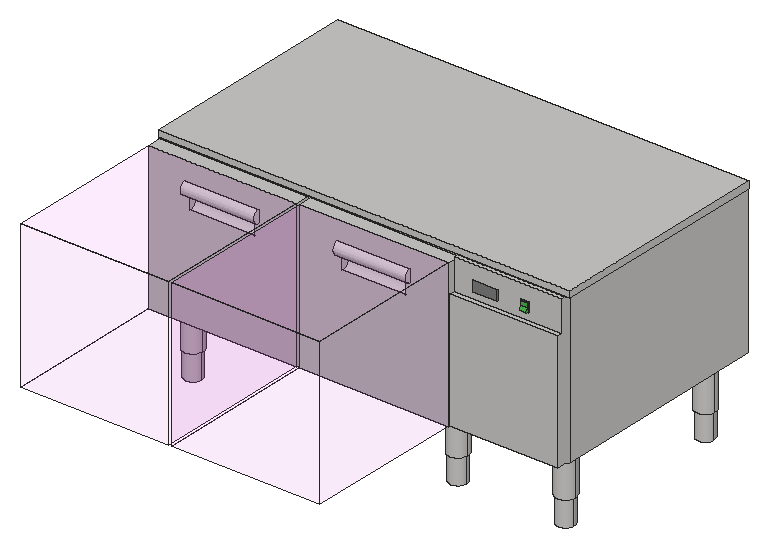
Revit family "QF_ZANUSSI_372290_Z7TTAECOMIN", category Specialty Equipment, Revit 2021 (continued)
Automatic sketch dimensions
  Split face 13 sketch curve to Split face 13 sketch curve = 4 mm
  Split face 14 sketch curve to Extrusion 2 = 30.5 mm
  Split face 14 sketch curve to Split face 14 sketch curve = 0.02 mm  (x2)
  Split face 14 sketch curve to Split face 14 sketch curve = 31.959 mm
  Split face 14 sketch curve to Extrusion 2 = 23 mm
  Split face 14 sketch curve to Split face 14 sketch curve = 4 mm
  Split face 15 sketch curve to Extrusion 2 = 30.5 mm
  Split face 15 sketch curve to Split face 15 sketch curve = 0.02 mm  (x2)
  Split face 15 sketch curve to Split face 15 sketch curve = 31.959 mm
  Split face 15 sketch curve to Extrusion 2 = 130.896 mm
  Split face 15 sketch curve to Split face 15 sketch curve = 4 mm
  plane 10 to Extrusion 6 sketch curve = 15 mm
  Extrusion 8 sketch curve to plane 7 "FRONT" = 0 mm  (x3)
  Extrusion 8 sketch curve to plane 14 "TOP" = 90.566 mm
  Extrusion 8 sketch curve to Extrusion 8 sketch curve = 8.275 mm
  Extrusion 9 sketch curve to plane 7 "FRONT" = 0 mm
  Extrusion 9 sketch curve to plane 7 "FRONT" = 2.777 mm
  plane 7 "FRONT" to Extrusion 9 sketch curve = 21.853 mm
  Extrusion 9 sketch curve to plane 11 = 4.5 mm
  Extrusion 9 sketch curve to plane 14 "TOP" = 128.294 mm
  Extrusion 9 sketch curve to Extrusion 9 sketch curve = 18.821 mm
  Extrusion 10 sketch curve to plane 7 "FRONT" = 0 mm  (x3)
  Extrusion 10 sketch curve to plane 14 "TOP" = 90.566 mm
  Extrusion 10 sketch curve to Extrusion 10 sketch curve = 8.275 mm
  Extrusion 11 sketch curve to plane 7 "FRONT" = 0 mm
  Extrusion 11 sketch curve to plane 7 "FRONT" = 2.777 mm
  plane 7 "FRONT" to Extrusion 11 sketch curve = 21.853 mm
  Extrusion 11 sketch curve to plane 11 = 4.5 mm
  Extrusion 11 sketch curve to plane 14 "TOP" = 128.294 mm
  Extrusion 11 sketch curve to Extrusion 11 sketch curve = 18.821 mm
  plane 13 to Extrusion 12 sketch curve = 1.587 mm  (x2)
  Extrusion 12 sketch curve to plane 3 "Centro (Sinistra/Destra)" = 160.999 mm
  Extrusion 12 sketch curve to plane 14 "TOP" = 0.8 mm  (x2)
  Extrusion 12 sketch curve to Extrusion 12 sketch curve = 7.999 mm
  plane 12 to Extrusion 12 sketch curve = 51 mm
  Extrusion 13 sketch curve to plane 14 "TOP" = 0.8 mm  (x2)
  plane 12 to Extrusion 13 sketch curve = 51 mm
  Extrusion 13 sketch curve to plane 12 = 72.699 mm
  Extrusion 13 sketch curve to plane 3 "Centro (Sinistra/Destra)" = 29.3 mm
  plane 13 to Extrusion 13 sketch curve = 1.587 mm  (x2)
  Extrusion 13 sketch curve to plane 3 "Centro (Sinistra/Destra)" = 153 mm
  Extrusion 13 sketch curve to Extrusion 13 sketch curve = 7.999 mm
  Extrusion 13 sketch curve to Extrusion 13 sketch curve = 123.7 mm
  plane 9 to Extrusion 13 sketch curve = 68.7 mm
  Extrusion 13 sketch curve to plane 14 "TOP" = 128.294 mm  (x2)
  Extrusion 13 sketch curve to Extrusion 13 sketch curve = 43.294 mm  (x2)
  Split face 16 sketch curve to Extrusion 2 = 30.5 mm
  Split face 16 sketch curve to Split face 16 sketch curve = 0.02 mm  (x2)
  Split face 16 sketch curve to Split face 16 sketch curve = 31.959 mm
  Split face 16 sketch curve to Extrusion 2 = 118.208 mm
  Split face 16 sketch curve to Split face 16 sketch curve = 4 mm
  Split face 17 sketch curve to Extrusion 2 = 30.5 mm
  Split face 17 sketch curve to Split face 17 sketch curve = 0.02 mm  (x2)
  Split face 17 sketch curve to Split face 17 sketch curve = 31.959 mm
  Split face 17 sketch curve to Extrusion 2 = 130.208 mm
  Split face 17 sketch curve to Split face 17 sketch curve = 4 mm
  Split face 18 sketch curve to Extrusion 2 = 30.5 mm
  Split face 18 sketch curve to Split face 18 sketch curve = 0.02 mm  (x2)
  Split face 18 sketch curve to Split face 18 sketch curve = 31.959 mm
  Split face 18 sketch curve to Extrusion 2 = 142.208 mm
  Split face 18 sketch curve to Split face 18 sketch curve = 4 mm
  Split face 19 sketch curve to Extrusion 2 = 30.5 mm
  Split face 19 sketch curve to Split face 19 sketch curve = 0.02 mm  (x2)
  Split face 19 sketch curve to Split face 19 sketch curve = 31.959 mm
  Split face 19 sketch curve to Extrusion 2 = 154.896 mm
  Split face 19 sketch curve to Split face 19 sketch curve = 4 mm
  Split face 20 sketch curve to Extrusion 2 = 30.5 mm
  Split face 20 sketch curve to Split face 20 sketch curve = 0.02 mm  (x2)
  Split face 20 sketch curve to Split face 20 sketch curve = 31.959 mm
  Split face 20 sketch curve to Extrusion 2 = 142.896 mm
  Split face 20 sketch curve to Split face 20 sketch curve = 4 mm
  Split face 21 sketch curve to Extrusion 2 = 30.5 mm
  Split face 21 sketch curve to Split face 21 sketch curve = 0.02 mm  (x2)
  Split face 21 sketch curve to Split face 21 sketch curve = 31.959 mm
  Split face 21 sketch curve to Extrusion 2 = 106.208 mm
  Split face 21 sketch curve to Split face 21 sketch curve = 4 mm
  Split face 22 sketch curve to Extrusion 2 = 30.5 mm
  Split face 22 sketch curve to Split face 22 sketch curve = 0.02 mm  (x2)
  Split face 22 sketch curve to Extrusion 2 = 10.312 mm
  Split face 22 sketch curve to Split face 22 sketch curve = 31.959 mm
  Split face 22 sketch curve to Split face 22 sketch curve = 4 mm
  Split face 23 sketch curve to Extrusion 2 = 30.5 mm
  Split face 23 sketch curve to Split face 23 sketch curve = 0.02 mm  (x2)
  Split face 23 sketch curve to Split face 23 sketch curve = 31.959 mm
  Split face 23 sketch curve to Extrusion 2 = 22.312 mm
  Split face 23 sketch curve to Split face 23 sketch curve = 4 mm
  Split face 24 sketch curve to Extrusion 2 = 30.5 mm
  Split face 24 sketch curve to Split face 24 sketch curve = 0.02 mm  (x2)
  Split face 24 sketch curve to Split face 24 sketch curve = 31.959 mm
  Split face 24 sketch curve to Extrusion 2 = 34.312 mm
  Split face 24 sketch curve to Split face 24 sketch curve = 4 mm
  Split face 25 sketch curve to Extrusion 2 = 30.5 mm
  Split face 25 sketch curve to Split face 25 sketch curve = 0.02 mm  (x2)
  Split face 25 sketch curve to Split face 25 sketch curve = 31.959 mm
  Split face 25 sketch curve to Extrusion 2 = 46.209 mm
  Split face 25 sketch curve to Split face 25 sketch curve = 4 mm
  Split face 26 sketch curve to Extrusion 2 = 30.5 mm
  Split face 26 sketch curve to Split face 26 sketch curve = 0.02 mm  (x2)
  Split face 26 sketch curve to Split face 26 sketch curve = 31.959 mm
  Split face 26 sketch curve to Extrusion 2 = 58.208 mm
  Split face 26 sketch curve to Split face 26 sketch curve = 4 mm
  Split face 27 sketch curve to Extrusion 2 = 30.5 mm
  Split face 27 sketch curve to Split face 27 sketch curve = 0.02 mm  (x2)
  Split face 27 sketch curve to Split face 27 sketch curve = 31.959 mm
  Split face 27 sketch curve to Extrusion 2 = 70.208 mm
  Split face 27 sketch curve to Split face 27 sketch curve = 4 mm
  Split face 28 sketch curve to Extrusion 2 = 30.5 mm
  Split face 28 sketch curve to Split face 28 sketch curve = 0.02 mm  (x2)
  Split face 28 sketch curve to Split face 28 sketch curve = 31.959 mm
  Split face 28 sketch curve to Extrusion 2 = 82.208 mm
  Split face 28 sketch curve to Split face 28 sketch curve = 4 mm
  Split face 29 sketch curve to Extrusion 2 = 30.5 mm
  Split face 29 sketch curve to Split face 29 sketch curve = 0.02 mm  (x2)
  Split face 29 sketch curve to Split face 29 sketch curve = 31.959 mm
  Split face 29 sketch curve to Extrusion 2 = 94.208 mm
  Split face 29 sketch curve to Split face 29 sketch curve = 4 mm
  Split face 30 sketch curve to Extrusion 2 = 85.5 mm
  Split face 30 sketch curve to Split face 30 sketch curve = 0.02 mm  (x2)
  Split face 30 sketch curve to Split face 30 sketch curve = 31.959 mm
  Split face 30 sketch curve to Extrusion 2 = 118.896 mm
  Split face 30 sketch curve to Split face 30 sketch curve = 4 mm
  Split face 31 sketch curve to Extrusion 2 = 85.5 mm
  Split face 31 sketch curve to Split face 31 sketch curve = 0.02 mm  (x2)
  Split face 31 sketch curve to Split face 31 sketch curve = 31.959 mm
  Split face 31 sketch curve to Extrusion 2 = 106.896 mm
  Split face 31 sketch curve to Split face 31 sketch curve = 4 mm
  Split face 32 sketch curve to Extrusion 2 = 85.5 mm
  Split face 32 sketch curve to Split face 32 sketch curve = 0.02 mm  (x2)
  Split face 32 sketch curve to Split face 32 sketch curve = 31.959 mm
  Split face 32 sketch curve to Extrusion 2 = 94.897 mm
  Split face 32 sketch curve to Split face 32 sketch curve = 4 mm
  Split face 33 sketch curve to Extrusion 2 = 85.5 mm
  Split face 33 sketch curve to Split face 33 sketch curve = 0.02 mm  (x2)
  Split face 33 sketch curve to Split face 33 sketch curve = 31.959 mm
  Split face 33 sketch curve to Extrusion 2 = 82.999 mm
  Split face 33 sketch curve to Split face 33 sketch curve = 4 mm
  Split face 34 sketch curve to Extrusion 2 = 85.5 mm
  Split face 34 sketch curve to Split face 34 sketch curve = 0.02 mm  (x2)
  Split face 34 sketch curve to Split face 34 sketch curve = 31.959 mm
  Split face 34 sketch curve to Extrusion 2 = 71 mm
  Split face 34 sketch curve to Split face 34 sketch curve = 4 mm
  Split face 35 sketch curve to Extrusion 2 = 85.5 mm
  Split face 35 sketch curve to Split face 35 sketch curve = 0.02 mm  (x2)
  Split face 35 sketch curve to Split face 35 sketch curve = 31.959 mm
  Split face 35 sketch curve to Extrusion 2 = 59 mm
  Split face 35 sketch curve to Split face 35 sketch curve = 4 mm
  Split face 36 sketch curve to Extrusion 2 = 85.5 mm
  Split face 36 sketch curve to Split face 36 sketch curve = 0.02 mm  (x2)
  Split face 36 sketch curve to Split face 36 sketch curve = 31.959 mm
  Split face 36 sketch curve to Extrusion 2 = 47 mm
  Split face 36 sketch curve to Split face 36 sketch curve = 4 mm
  Split face 37 sketch curve to Extrusion 2 = 31 mm
  Split face 37 sketch curve to Extrusion 2 = 85.5 mm
  Split face 37 sketch curve to Split face 37 sketch curve = 0.02 mm  (x2)
  Split face 37 sketch curve to Split face 37 sketch curve = 31.959 mm
  Split face 37 sketch curve to Split face 37 sketch curve = 4 mm
  Split face 38 sketch curve to Extrusion 2 = 19 mm
  Split face 38 sketch curve to Extrusion 2 = 85.5 mm
  Split face 38 sketch curve to Split face 38 sketch curve = 0.02 mm  (x2)
  Split face 38 sketch curve to Split face 38 sketch curve = 31.959 mm
  Split face 38 sketch curve to Split face 38 sketch curve = 4 mm
  Split face 39 sketch curve to Extrusion 2 = 85.5 mm
  Split face 39 sketch curve to Split face 39 sketch curve = 0.02 mm  (x2)
  Split face 39 sketch curve to Split face 39 sketch curve = 31.959 mm
  Split face 39 sketch curve to Extrusion 2 = 130.896 mm
  Split face 39 sketch curve to Split face 39 sketch curve = 4 mm
  Split face 40 sketch curve to Extrusion 2 = 85.5 mm
  Split face 40 sketch curve to Split face 40 sketch curve = 0.02 mm  (x2)
  Split face 40 sketch curve to Split face 40 sketch curve = 31.959 mm
  Split face 40 sketch curve to Extrusion 2 = 118.208 mm
  Split face 40 sketch curve to Split face 40 sketch curve = 4 mm
  Split face 41 sketch curve to Extrusion 2 = 85.5 mm
  Split face 41 sketch curve to Split face 41 sketch curve = 0.02 mm  (x2)
  Split face 41 sketch curve to Split face 41 sketch curve = 31.959 mm
  Split face 41 sketch curve to Extrusion 2 = 130.208 mm
  Split face 41 sketch curve to Split face 41 sketch curve = 4 mm
  Split face 42 sketch curve to Extrusion 2 = 85.5 mm
  Split face 42 sketch curve to Split face 42 sketch curve = 0.02 mm  (x2)
  Split face 42 sketch curve to Split face 42 sketch curve = 31.959 mm
  Split face 42 sketch curve to Extrusion 2 = 142.208 mm
  Split face 42 sketch curve to Split face 42 sketch curve = 4 mm
  Split face 43 sketch curve to Extrusion 2 = 85.5 mm
  Split face 43 sketch curve to Split face 43 sketch curve = 0.02 mm  (x2)
  Split face 43 sketch curve to Split face 43 sketch curve = 31.959 mm
  Split face 43 sketch curve to Extrusion 2 = 154.896 mm
  Split face 43 sketch curve to Split face 43 sketch curve = 4 mm
  Split face 44 sketch curve to Extrusion 2 = 85.5 mm
  Split face 44 sketch curve to Split face 44 sketch curve = 0.02 mm  (x2)
  Split face 44 sketch curve to Split face 44 sketch curve = 31.959 mm
  Split face 44 sketch curve to Extrusion 2 = 142.896 mm
  Split face 44 sketch curve to Split face 44 sketch curve = 4 mm
  Split face 45 sketch curve to Extrusion 2 = 85.5 mm
  Split face 45 sketch curve to Split face 45 sketch curve = 0.02 mm  (x2)
  Split face 45 sketch curve to Split face 45 sketch curve = 31.959 mm
  Split face 45 sketch curve to Extrusion 2 = 106.208 mm
  Split face 45 sketch curve to Split face 45 sketch curve = 4 mm
  Split face 46 sketch curve to Extrusion 2 = 14.312 mm
  Split face 46 sketch curve to Extrusion 2 = 85.5 mm
  Split face 46 sketch curve to Split face 46 sketch curve = 0.02 mm  (x2)
  Split face 46 sketch curve to Extrusion 2 = 10.312 mm
  Split face 46 sketch curve to Split face 46 sketch curve = 31.959 mm
  Split face 47 sketch curve to Extrusion 2 = 26.312 mm
  Split face 47 sketch curve to Extrusion 2 = 85.5 mm
  Split face 47 sketch curve to Split face 47 sketch curve = 0.02 mm  (x2)
  Split face 47 sketch curve to Split face 47 sketch curve = 31.959 mm
  Split face 47 sketch curve to Split face 47 sketch curve = 4 mm
  Split face 48 sketch curve to Extrusion 2 = 85.5 mm
  Split face 48 sketch curve to Split face 48 sketch curve = 0.02 mm  (x2)
  Split face 48 sketch curve to Split face 48 sketch curve = 31.959 mm
  Split face 48 sketch curve to Extrusion 2 = 34.312 mm
  Split face 48 sketch curve to Split face 48 sketch curve = 4 mm
  Split face 49 sketch curve to Extrusion 2 = 85.5 mm
  Split face 49 sketch curve to Split face 49 sketch curve = 0.02 mm  (x2)
  Split face 49 sketch curve to Split face 49 sketch curve = 31.959 mm
  Split face 49 sketch curve to Extrusion 2 = 46.209 mm
  Split face 49 sketch curve to Split face 49 sketch curve = 4 mm
  Split face 50 sketch curve to Extrusion 2 = 85.5 mm
  Split face 50 sketch curve to Split face 50 sketch curve = 0.02 mm  (x2)
  Split face 50 sketch curve to Split face 50 sketch curve = 31.959 mm
  Split face 50 sketch curve to Extrusion 2 = 58.208 mm
  Split face 50 sketch curve to Split face 50 sketch curve = 4 mm
  Split face 51 sketch curve to Extrusion 2 = 85.5 mm
  Split face 51 sketch curve to Split face 51 sketch curve = 0.02 mm  (x2)
  Split face 51 sketch curve to Split face 51 sketch curve = 31.959 mm
  Split face 51 sketch curve to Extrusion 2 = 70.208 mm
  Split face 51 sketch curve to Split face 51 sketch curve = 4 mm
  Split face 52 sketch curve to Extrusion 2 = 85.5 mm
  Split face 52 sketch curve to Split face 52 sketch curve = 0.02 mm  (x2)
  Split face 52 sketch curve to Split face 52 sketch curve = 31.959 mm
  Split face 52 sketch curve to Extrusion 2 = 82.208 mm
  Split face 52 sketch curve to Split face 52 sketch curve = 4 mm
  Split face 53 sketch curve to Extrusion 2 = 85.5 mm
  Split face 53 sketch curve to Split face 53 sketch curve = 0.02 mm  (x2)
  Split face 53 sketch curve to Split face 53 sketch curve = 31.959 mm
  Split face 53 sketch curve to Extrusion 2 = 94.208 mm
  Split face 53 sketch curve to Split face 53 sketch curve = 4 mm
  Split face 54 sketch curve to Extrusion 2 = 140.5 mm
  Split face 54 sketch curve to Split face 54 sketch curve = 0.02 mm  (x2)
  Split face 54 sketch curve to Split face 54 sketch curve = 31.959 mm
  Split face 54 sketch curve to Extrusion 2 = 118.896 mm
  Split face 54 sketch curve to Split face 54 sketch curve = 4 mm
  Split face 55 sketch curve to Extrusion 2 = 140.5 mm
  Split face 55 sketch curve to Split face 55 sketch curve = 0.02 mm  (x2)
  Split face 55 sketch curve to Split face 55 sketch curve = 31.959 mm
  Split face 55 sketch curve to Extrusion 2 = 106.896 mm
  Split face 55 sketch curve to Split face 55 sketch curve = 4 mm
  Split face 56 sketch curve to Extrusion 2 = 140.5 mm
  Split face 56 sketch curve to Split face 56 sketch curve = 0.02 mm  (x2)
  Split face 56 sketch curve to Split face 56 sketch curve = 31.959 mm
  Split face 56 sketch curve to Extrusion 2 = 94.897 mm
  Split face 56 sketch curve to Split face 56 sketch curve = 4 mm
  Split face 57 sketch curve to Extrusion 2 = 140.5 mm
  Split face 57 sketch curve to Split face 57 sketch curve = 0.02 mm  (x2)
  Split face 57 sketch curve to Split face 57 sketch curve = 31.959 mm
  Split face 57 sketch curve to Extrusion 2 = 82.999 mm
  Split face 57 sketch curve to Split face 57 sketch curve = 4 mm
  Split face 58 sketch curve to Extrusion 2 = 140.5 mm
  Split face 58 sketch curve to Split face 58 sketch curve = 0.02 mm  (x2)
  Split face 58 sketch curve to Split face 58 sketch curve = 31.959 mm
  Split face 58 sketch curve to Extrusion 2 = 71 mm
  Split face 58 sketch curve to Split face 58 sketch curve = 4 mm
  Split face 59 sketch curve to Extrusion 2 = 55 mm
  Split face 59 sketch curve to Extrusion 2 = 140.5 mm
  Split face 59 sketch curve to Split face 59 sketch curve = 0.02 mm  (x2)
  Split face 59 sketch curve to Split face 59 sketch curve = 31.959 mm
  Split face 59 sketch curve to Split face 59 sketch curve = 4 mm
  Split face 60 sketch curve to Extrusion 2 = 43 mm
  Split face 60 sketch curve to Extrusion 2 = 140.5 mm
  Split face 60 sketch curve to Split face 60 sketch curve = 0.02 mm  (x2)
  Split face 60 sketch curve to Split face 60 sketch curve = 31.959 mm
  Split face 60 sketch curve to Split face 60 sketch curve = 4 mm
  Split face 61 sketch curve to Extrusion 2 = 31 mm
  Split face 61 sketch curve to Extrusion 2 = 140.5 mm
  Split face 61 sketch curve to Split face 61 sketch curve = 0.02 mm  (x2)
  Split face 61 sketch curve to Split face 61 sketch curve = 31.959 mm
  Split face 61 sketch curve to Split face 61 sketch curve = 4 mm
  Split face 62 sketch curve to Extrusion 2 = 19 mm
  Split face 62 sketch curve to Extrusion 2 = 140.5 mm
  Split face 62 sketch curve to Split face 62 sketch curve = 0.02 mm  (x2)
  Split face 62 sketch curve to Split face 62 sketch curve = 31.959 mm
  Split face 62 sketch curve to Split face 62 sketch curve = 4 mm
  Split face 63 sketch curve to Extrusion 2 = 140.5 mm
  Split face 63 sketch curve to Split face 63 sketch curve = 0.02 mm  (x2)
  Split face 63 sketch curve to Split face 63 sketch curve = 31.959 mm
  Split face 63 sketch curve to Extrusion 2 = 130.896 mm
  Split face 63 sketch curve to Split face 63 sketch curve = 4 mm
  Split face 64 sketch curve to Extrusion 2 = 140.5 mm
  Split face 64 sketch curve to Split face 64 sketch curve = 0.02 mm  (x2)
  Split face 64 sketch curve to Split face 64 sketch curve = 31.959 mm
  Split face 64 sketch curve to Extrusion 2 = 118.208 mm
  Split face 64 sketch curve to Split face 64 sketch curve = 4 mm
  Split face 65 sketch curve to Extrusion 2 = 140.5 mm
  Split face 65 sketch curve to Split face 65 sketch curve = 0.02 mm  (x2)
  Split face 65 sketch curve to Split face 65 sketch curve = 31.959 mm
  Split face 65 sketch curve to Extrusion 2 = 130.208 mm
  Split face 65 sketch curve to Split face 65 sketch curve = 4 mm
  Split face 66 sketch curve to Extrusion 2 = 140.5 mm
  Split face 66 sketch curve to Split face 66 sketch curve = 0.02 mm  (x2)
  Split face 66 sketch curve to Split face 66 sketch curve = 31.959 mm
  Split face 66 sketch curve to Extrusion 2 = 142.208 mm
  Split face 66 sketch curve to Split face 66 sketch curve = 4 mm
  Split face 67 sketch curve to Extrusion 2 = 140.5 mm
  Split face 67 sketch curve to Split face 67 sketch curve = 0.02 mm  (x2)
  Split face 67 sketch curve to Split face 67 sketch curve = 31.959 mm
  Split face 67 sketch curve to Extrusion 2 = 154.896 mm
  Split face 67 sketch curve to Split face 67 sketch curve = 4 mm
  Split face 68 sketch curve to Extrusion 2 = 140.5 mm
  Split face 68 sketch curve to Split face 68 sketch curve = 0.02 mm  (x2)
  Split face 68 sketch curve to Split face 68 sketch curve = 31.959 mm
  Split face 68 sketch curve to Extrusion 2 = 142.896 mm
  Split face 68 sketch curve to Split face 68 sketch curve = 4 mm
  Split face 69 sketch curve to Extrusion 2 = 140.5 mm
  Split face 69 sketch curve to Split face 69 sketch curve = 0.02 mm  (x2)
  Split face 69 sketch curve to Split face 69 sketch curve = 31.959 mm
  Split face 69 sketch curve to Extrusion 2 = 106.208 mm
  Split face 69 sketch curve to Split face 69 sketch curve = 4 mm
  Split face 70 sketch curve to Extrusion 2 = 14.312 mm
  Split face 70 sketch curve to Extrusion 2 = 140.5 mm
  Split face 70 sketch curve to Split face 70 sketch curve = 0.02 mm  (x2)
  Split face 70 sketch curve to Extrusion 2 = 10.312 mm
  Split face 70 sketch curve to Split face 70 sketch curve = 31.959 mm
  Split face 71 sketch curve to Extrusion 2 = 26.312 mm
  Split face 71 sketch curve to Extrusion 2 = 140.5 mm
  Split face 71 sketch curve to Split face 71 sketch curve = 0.02 mm  (x2)
  Split face 71 sketch curve to Split face 71 sketch curve = 31.959 mm
  Split face 71 sketch curve to Split face 71 sketch curve = 4 mm
  Split face 72 sketch curve to Extrusion 2 = 38.311 mm
  Split face 72 sketch curve to Extrusion 2 = 140.5 mm
  Split face 72 sketch curve to Split face 72 sketch curve = 0.02 mm  (x2)
  Split face 72 sketch curve to Split face 72 sketch curve = 31.959 mm
  Split face 72 sketch curve to Split face 72 sketch curve = 4 mm
  Split face 73 sketch curve to Extrusion 2 = 50.209 mm
  Split face 73 sketch curve to Extrusion 2 = 140.5 mm
  Split face 73 sketch curve to Split face 73 sketch curve = 0.02 mm  (x2)
  Split face 73 sketch curve to Split face 73 sketch curve = 31.959 mm
  Split face 73 sketch curve to Split face 73 sketch curve = 4 mm
  Split face 74 sketch curve to Extrusion 2 = 62.208 mm
  Split face 74 sketch curve to Extrusion 2 = 140.5 mm
  Split face 74 sketch curve to Split face 74 sketch curve = 0.02 mm  (x2)
  Split face 74 sketch curve to Split face 74 sketch curve = 31.959 mm
  Split face 74 sketch curve to Split face 74 sketch curve = 4 mm
  Split face 75 sketch curve to Extrusion 2 = 140.5 mm
  Split face 75 sketch curve to Split face 75 sketch curve = 0.02 mm  (x2)
  Split face 75 sketch curve to Split face 75 sketch curve = 31.959 mm
  Split face 75 sketch curve to Extrusion 2 = 70.208 mm
  Split face 75 sketch curve to Split face 75 sketch curve = 4 mm
  Split face 76 sketch curve to Extrusion 2 = 140.5 mm
  Split face 76 sketch curve to Split face 76 sketch curve = 0.02 mm  (x2)
  Split face 76 sketch curve to Split face 76 sketch curve = 31.959 mm
  Split face 76 sketch curve to Extrusion 2 = 82.208 mm
  Split face 76 sketch curve to Split face 76 sketch curve = 4 mm
  Split face 77 sketch curve to Extrusion 2 = 140.5 mm
  Split face 77 sketch curve to Split face 77 sketch curve = 0.02 mm  (x2)
  Split face 77 sketch curve to Split face 77 sketch curve = 31.959 mm
  Split face 77 sketch curve to Extrusion 2 = 94.208 mm
  Split face 77 sketch curve to Split face 77 sketch curve = 4 mm
  Split face 78 sketch curve to Extrusion 2 = 117.5 mm
  Split face 78 sketch curve to Split face 78 sketch curve = 0.02 mm  (x2)
  Split face 78 sketch curve to Split face 78 sketch curve = 31.959 mm
  Split face 78 sketch curve to Extrusion 2 = 118.896 mm
  Split face 78 sketch curve to Split face 78 sketch curve = 4 mm
  Split face 79 sketch curve to Extrusion 2 = 117.5 mm
  Split face 79 sketch curve to Split face 79 sketch curve = 0.02 mm  (x2)
  Split face 79 sketch curve to Split face 79 sketch curve = 31.959 mm
  Split face 79 sketch curve to Extrusion 2 = 106.896 mm
  Split face 79 sketch curve to Split face 79 sketch curve = 4 mm
  Split face 80 sketch curve to Extrusion 2 = 117.5 mm
  Split face 80 sketch curve to Split face 80 sketch curve = 0.02 mm  (x2)
  Split face 80 sketch curve to Split face 80 sketch curve = 31.959 mm
  Split face 80 sketch curve to Extrusion 2 = 94.897 mm
  Split face 80 sketch curve to Split face 80 sketch curve = 4 mm
  Split face 81 sketch curve to Extrusion 2 = 117.5 mm
  Split face 81 sketch curve to Split face 81 sketch curve = 0.02 mm  (x2)
  Split face 81 sketch curve to Split face 81 sketch curve = 31.959 mm
  Split face 81 sketch curve to Extrusion 2 = 82.999 mm
  Split face 81 sketch curve to Split face 81 sketch curve = 4 mm
  Split face 82 sketch curve to Extrusion 2 = 117.5 mm
  Split face 82 sketch curve to Split face 82 sketch curve = 0.02 mm  (x2)
  Split face 82 sketch curve to Split face 82 sketch curve = 31.959 mm
  Split face 82 sketch curve to Extrusion 2 = 71 mm
  Split face 82 sketch curve to Split face 82 sketch curve = 4 mm
  Split face 83 sketch curve to Extrusion 2 = 55 mm
  Split face 83 sketch curve to Extrusion 2 = 117.5 mm
  Split face 83 sketch curve to Split face 83 sketch curve = 0.02 mm  (x2)
  Split face 83 sketch curve to Split face 83 sketch curve = 31.959 mm
  Split face 83 sketch curve to Split face 83 sketch curve = 4 mm
  Split face 84 sketch curve to Extrusion 2 = 43 mm
  Split face 84 sketch curve to Extrusion 2 = 117.5 mm
  Split face 84 sketch curve to Split face 84 sketch curve = 0.02 mm  (x2)
  Split face 84 sketch curve to Split face 84 sketch curve = 31.959 mm
  Split face 84 sketch curve to Split face 84 sketch curve = 4 mm
  Split face 85 sketch curve to Extrusion 2 = 31 mm
  Split face 85 sketch curve to Extrusion 2 = 117.5 mm
  Split face 85 sketch curve to Split face 85 sketch curve = 0.02 mm  (x2)
  Split face 85 sketch curve to Split face 85 sketch curve = 31.959 mm
  Split face 85 sketch curve to Split face 85 sketch curve = 4 mm
  Split face 86 sketch curve to Extrusion 2 = 19 mm
  Split face 86 sketch curve to Extrusion 2 = 117.5 mm
  Split face 86 sketch curve to Split face 86 sketch curve = 0.02 mm  (x2)
  Split face 86 sketch curve to Split face 86 sketch curve = 31.959 mm
  Split face 86 sketch curve to Split face 86 sketch curve = 4 mm
  Split face 87 sketch curve to Extrusion 2 = 117.5 mm
  Split face 87 sketch curve to Split face 87 sketch curve = 0.02 mm  (x2)
  Split face 87 sketch curve to Split face 87 sketch curve = 31.959 mm
  Split face 87 sketch curve to Extrusion 2 = 130.896 mm
  Split face 87 sketch curve to Split face 87 sketch curve = 4 mm
  Split face 88 sketch curve to Extrusion 2 = 117.5 mm
  Split face 88 sketch curve to Split face 88 sketch curve = 0.02 mm  (x2)
  Split face 88 sketch curve to Split face 88 sketch curve = 31.959 mm
  Split face 88 sketch curve to Extrusion 2 = 118.208 mm
  Split face 88 sketch curve to Split face 88 sketch curve = 4 mm
  Split face 89 sketch curve to Extrusion 2 = 117.5 mm
  Split face 89 sketch curve to Split face 89 sketch curve = 0.02 mm  (x2)
  Split face 89 sketch curve to Split face 89 sketch curve = 31.959 mm
  Split face 89 sketch curve to Extrusion 2 = 130.208 mm
  Split face 89 sketch curve to Split face 89 sketch curve = 4 mm
  Split face 90 sketch curve to Extrusion 2 = 117.5 mm
  Split face 90 sketch curve to Split face 90 sketch curve = 0.02 mm  (x2)
  Split face 90 sketch curve to Split face 90 sketch curve = 31.959 mm
  Split face 90 sketch curve to Extrusion 2 = 142.208 mm
  Split face 90 sketch curve to Split face 90 sketch curve = 4 mm
  Split face 91 sketch curve to Extrusion 2 = 117.5 mm
  Split face 91 sketch curve to Split face 91 sketch curve = 0.02 mm  (x2)
  Split face 91 sketch curve to Split face 91 sketch curve = 31.959 mm
  Split face 91 sketch curve to Extrusion 2 = 154.896 mm
  Split face 91 sketch curve to Split face 91 sketch curve = 4 mm
  Split face 92 sketch curve to Extrusion 2 = 117.5 mm
  Split face 92 sketch curve to Split face 92 sketch curve = 0.02 mm  (x2)
  Split face 92 sketch curve to Split face 92 sketch curve = 31.959 mm
  Split face 92 sketch curve to Extrusion 2 = 142.896 mm
  Split face 92 sketch curve to Split face 92 sketch curve = 4 mm
  Split face 93 sketch curve to Extrusion 2 = 117.5 mm
  Split face 93 sketch curve to Split face 93 sketch curve = 0.02 mm  (x2)
  Split face 93 sketch curve to Split face 93 sketch curve = 31.959 mm
  Split face 93 sketch curve to Extrusion 2 = 106.208 mm
  Split face 93 sketch curve to Split face 93 sketch curve = 4 mm
  Split face 94 sketch curve to Extrusion 2 = 14.312 mm
  Split face 94 sketch curve to Extrusion 2 = 117.5 mm
  Split face 94 sketch curve to Split face 94 sketch curve = 0.02 mm  (x2)
  Split face 94 sketch curve to Extrusion 2 = 10.312 mm
  Split face 94 sketch curve to Split face 94 sketch curve = 31.959 mm
  Split face 95 sketch curve to Extrusion 2 = 26.312 mm
  Split face 95 sketch curve to Extrusion 2 = 117.5 mm
  Split face 95 sketch curve to Split face 95 sketch curve = 0.02 mm  (x2)
  Split face 95 sketch curve to Split face 95 sketch curve = 31.959 mm
  Split face 95 sketch curve to Split face 95 sketch curve = 4 mm
  Split face 96 sketch curve to Extrusion 2 = 38.311 mm
  Split face 96 sketch curve to Extrusion 2 = 117.5 mm
  Split face 96 sketch curve to Split face 96 sketch curve = 0.02 mm  (x2)
  Split face 96 sketch curve to Split face 96 sketch curve = 31.959 mm
  Split face 96 sketch curve to Split face 96 sketch curve = 4 mm
  Split face 97 sketch curve to Extrusion 2 = 50.209 mm
  Split face 97 sketch curve to Extrusion 2 = 117.5 mm
  Split face 97 sketch curve to Split face 97 sketch curve = 0.02 mm  (x2)
  Split face 97 sketch curve to Split face 97 sketch curve = 31.959 mm
  Split face 97 sketch curve to Split face 97 sketch curve = 4 mm
  Split face 98 sketch curve to Extrusion 2 = 62.208 mm
  Split face 98 sketch curve to Extrusion 2 = 117.5 mm
  Split face 98 sketch curve to Split face 98 sketch curve = 0.02 mm  (x2)
  Split face 98 sketch curve to Split face 98 sketch curve = 31.959 mm
  Split face 98 sketch curve to Split face 98 sketch curve = 4 mm
  Split face 99 sketch curve to Extrusion 2 = 117.5 mm
  Split face 99 sketch curve to Split face 99 sketch curve = 0.02 mm  (x2)
  Split face 99 sketch curve to Split face 99 sketch curve = 31.959 mm
  Split face 99 sketch curve to Extrusion 2 = 70.208 mm
  Split face 99 sketch curve to Split face 99 sketch curve = 4 mm
  Split face 100 sketch curve to Extrusion 2 = 117.5 mm
  Split face 100 sketch curve to Split face 100 sketch curve = 0.02 mm  (x2)
  Split face 100 sketch curve to Split face 100 sketch curve = 31.959 mm
  Split face 100 sketch curve to Extrusion 2 = 82.208 mm
  Split face 100 sketch curve to Split face 100 sketch curve = 4 mm
  Split face 101 sketch curve to Extrusion 2 = 117.5 mm
  Split face 101 sketch curve to Split face 101 sketch curve = 0.02 mm  (x2)
  Split face 101 sketch curve to Split face 101 sketch curve = 31.959 mm
  Split face 101 sketch curve to Extrusion 2 = 94.208 mm
  Split face 101 sketch curve to Split face 101 sketch curve = 4 mm
  Split face 102 sketch curve to Extrusion 2 = 62.5 mm
  Split face 102 sketch curve to Split face 102 sketch curve = 0.02 mm  (x2)
  Split face 102 sketch curve to Split face 102 sketch curve = 31.959 mm
  Split face 102 sketch curve to Extrusion 2 = 118.896 mm
  Split face 102 sketch curve to Split face 102 sketch curve = 4 mm
  Split face 103 sketch curve to Extrusion 2 = 62.5 mm
  Split face 103 sketch curve to Split face 103 sketch curve = 0.02 mm  (x2)
  Split face 103 sketch curve to Split face 103 sketch curve = 31.959 mm
  Split face 103 sketch curve to Extrusion 2 = 106.896 mm
  Split face 103 sketch curve to Split face 103 sketch curve = 4 mm
  Split face 104 sketch curve to Extrusion 2 = 62.5 mm
  Split face 104 sketch curve to Split face 104 sketch curve = 0.02 mm  (x2)
  Split face 104 sketch curve to Split face 104 sketch curve = 31.959 mm
  Split face 104 sketch curve to Extrusion 2 = 94.897 mm
  Split face 104 sketch curve to Split face 104 sketch curve = 4 mm
  Split face 105 sketch curve to Extrusion 2 = 62.5 mm
  Split face 105 sketch curve to Split face 105 sketch curve = 0.02 mm  (x2)
  Split face 105 sketch curve to Split face 105 sketch curve = 31.959 mm
  Split face 105 sketch curve to Extrusion 2 = 82.999 mm
  Split face 105 sketch curve to Split face 105 sketch curve = 4 mm
  Split face 106 sketch curve to Extrusion 2 = 62.5 mm
  Split face 106 sketch curve to Split face 106 sketch curve = 0.02 mm  (x2)
  Split face 106 sketch curve to Split face 106 sketch curve = 31.959 mm
  Split face 106 sketch curve to Extrusion 2 = 71 mm
  Split face 106 sketch curve to Split face 106 sketch curve = 4 mm
  Split face 107 sketch curve to Extrusion 2 = 62.5 mm
  Split face 107 sketch curve to Split face 107 sketch curve = 0.02 mm  (x2)
  Split face 107 sketch curve to Split face 107 sketch curve = 31.959 mm
  Split face 107 sketch curve to Extrusion 2 = 59 mm
  Split face 107 sketch curve to Split face 107 sketch curve = 4 mm
  Split face 108 sketch curve to Extrusion 2 = 62.5 mm
  Split face 108 sketch curve to Split face 108 sketch curve = 0.02 mm  (x2)
  Split face 108 sketch curve to Split face 108 sketch curve = 31.959 mm
  Split face 108 sketch curve to Extrusion 2 = 47 mm
  Split face 108 sketch curve to Split face 108 sketch curve = 4 mm
  Split face 109 sketch curve to Extrusion 2 = 31 mm
  Split face 109 sketch curve to Extrusion 2 = 62.5 mm
  Split face 109 sketch curve to Split face 109 sketch curve = 0.02 mm  (x2)
  Split face 109 sketch curve to Split face 109 sketch curve = 31.959 mm
  Split face 109 sketch curve to Split face 109 sketch curve = 4 mm
  Split face 110 sketch curve to Extrusion 2 = 19 mm
  Split face 110 sketch curve to Extrusion 2 = 62.5 mm
  Split face 110 sketch curve to Split face 110 sketch curve = 0.02 mm  (x2)
  Split face 110 sketch curve to Split face 110 sketch curve = 31.959 mm
  Split face 110 sketch curve to Split face 110 sketch curve = 4 mm
  Split face 111 sketch curve to Extrusion 2 = 62.5 mm
  Split face 111 sketch curve to Split face 111 sketch curve = 0.02 mm  (x2)
  Split face 111 sketch curve to Split face 111 sketch curve = 31.959 mm
  Split face 111 sketch curve to Extrusion 2 = 130.896 mm
  Split face 111 sketch curve to Split face 111 sketch curve = 4 mm
  Split face 112 sketch curve to Extrusion 2 = 62.5 mm
  Split face 112 sketch curve to Split face 112 sketch curve = 0.02 mm  (x2)
  Split face 112 sketch curve to Split face 112 sketch curve = 31.959 mm
  Split face 112 sketch curve to Extrusion 2 = 118.208 mm
  Split face 112 sketch curve to Split face 112 sketch curve = 4 mm
  Split face 113 sketch curve to Extrusion 2 = 62.5 mm
  Split face 113 sketch curve to Split face 113 sketch curve = 0.02 mm  (x2)
  Split face 113 sketch curve to Split face 113 sketch curve = 31.959 mm
  Split face 113 sketch curve to Extrusion 2 = 130.208 mm
  Split face 113 sketch curve to Split face 113 sketch curve = 4 mm
  Split face 114 sketch curve to Extrusion 2 = 62.5 mm
  Split face 114 sketch curve to Split face 114 sketch curve = 0.02 mm  (x2)
  Split face 114 sketch curve to Split face 114 sketch curve = 31.959 mm
  Split face 114 sketch curve to Extrusion 2 = 142.208 mm
  Split face 114 sketch curve to Split face 114 sketch curve = 4 mm
  Split face 115 sketch curve to Extrusion 2 = 62.5 mm
  Split face 115 sketch curve to Split face 115 sketch curve = 0.02 mm  (x2)
  Split face 115 sketch curve to Split face 115 sketch curve = 31.959 mm
  Split face 115 sketch curve to Extrusion 2 = 154.896 mm
  Split face 115 sketch curve to Split face 115 sketch curve = 4 mm
  Split face 116 sketch curve to Extrusion 2 = 62.5 mm
  Split face 116 sketch curve to Split face 116 sketch curve = 0.02 mm  (x2)
  Split face 116 sketch curve to Split face 116 sketch curve = 31.959 mm
  Split face 116 sketch curve to Extrusion 2 = 142.896 mm
  Split face 116 sketch curve to Split face 116 sketch curve = 4 mm
  Split face 117 sketch curve to Extrusion 2 = 62.5 mm
  Split face 117 sketch curve to Split face 117 sketch curve = 0.02 mm  (x2)
  Split face 117 sketch curve to Split face 117 sketch curve = 31.959 mm
  Split face 117 sketch curve to Extrusion 2 = 106.208 mm
  Split face 117 sketch curve to Split face 117 sketch curve = 4 mm
  Split face 118 sketch curve to Extrusion 2 = 14.312 mm
  Split face 118 sketch curve to Extrusion 2 = 62.5 mm
  Split face 118 sketch curve to Split face 118 sketch curve = 0.02 mm  (x2)
  Split face 118 sketch curve to Extrusion 2 = 10.312 mm
  Split face 118 sketch curve to Split face 118 sketch curve = 31.959 mm
  Split face 119 sketch curve to Extrusion 2 = 26.312 mm
  Split face 119 sketch curve to Extrusion 2 = 62.5 mm
  Split face 119 sketch curve to Split face 119 sketch curve = 0.02 mm  (x2)
  Split face 119 sketch curve to Split face 119 sketch curve = 31.959 mm
  Split face 119 sketch curve to Split face 119 sketch curve = 4 mm
  Split face 120 sketch curve to Extrusion 2 = 38.311 mm
  Split face 120 sketch curve to Extrusion 2 = 62.5 mm
  Split face 120 sketch curve to Split face 120 sketch curve = 0.02 mm  (x2)
  Split face 120 sketch curve to Split face 120 sketch curve = 31.959 mm
  Split face 120 sketch curve to Split face 120 sketch curve = 4 mm
  Split face 121 sketch curve to Extrusion 2 = 62.5 mm
  Split face 121 sketch curve to Split face 121 sketch curve = 0.02 mm  (x2)
  Split face 121 sketch curve to Split face 121 sketch curve = 31.959 mm
  Split face 121 sketch curve to Extrusion 2 = 46.209 mm
  Split face 121 sketch curve to Split face 121 sketch curve = 4 mm
  Split face 122 sketch curve to Extrusion 2 = 62.5 mm
  Split face 122 sketch curve to Split face 122 sketch curve = 0.02 mm  (x2)
  Split face 122 sketch curve to Split face 122 sketch curve = 31.959 mm
  Split face 122 sketch curve to Extrusion 2 = 58.208 mm
  Split face 122 sketch curve to Split face 122 sketch curve = 4 mm
  Split face 123 sketch curve to Extrusion 2 = 62.5 mm
  Split face 123 sketch curve to Split face 123 sketch curve = 0.02 mm  (x2)
  Split face 123 sketch curve to Split face 123 sketch curve = 31.959 mm
  Split face 123 sketch curve to Extrusion 2 = 70.208 mm
  Split face 123 sketch curve to Split face 123 sketch curve = 4 mm
  Split face 124 sketch curve to Extrusion 2 = 62.5 mm
  Split face 124 sketch curve to Split face 124 sketch curve = 0.02 mm  (x2)
  Split face 124 sketch curve to Split face 124 sketch curve = 31.959 mm
  Split face 124 sketch curve to Extrusion 2 = 82.208 mm
  Split face 124 sketch curve to Split face 124 sketch curve = 4 mm
  Split face 125 sketch curve to Extrusion 2 = 62.5 mm
  Split face 125 sketch curve to Split face 125 sketch curve = 0.02 mm  (x2)
  Split face 125 sketch curve to Split face 125 sketch curve = 31.959 mm
  Split face 125 sketch curve to Extrusion 2 = 94.208 mm
  Split face 125 sketch curve to Split face 125 sketch curve = 4 mm
  curve 38 to plane 7 "FRONT" = 0 mm
  plane 9 to curve 38 = 56.5 mm
  curve 38 to curve 38 = 17.78 mm
  curve 7 to plane 11 = 0 mm
  curve 6 to plane 7 "FRONT" = 0 mm
  curve 25 to plane 7 "FRONT" = 0 mm
  curve 36 to plane 8 = 0 mm
  curve 21 to plane 7 "FRONT" = 0 mm
  curve 20 to plane 7 "FRONT" = 0 mm
  curve 24 to plane 7 "FRONT" = 0 mm
  curve 34 to plane 8 = 0 mm
  curve 22 to plane 7 "FRONT" = 0 mm
  curve 2 to plane 11 = 0 mm
  curve 12 to curve 9 = 2 mm
  plane 7 "FRONT" to curve 10 = 7.415 mm
  curve 9 to curve 10 = 18 mm
  curve 11 to curve 12 = 2 mm
  plane 7 "FRONT" to curve 13 = 14.8 mm
  curve 12 to curve 13 = 70 mm
  curve 13 to curve 13 = 70 mm
  plane 12 to curve 6 = 56 mm
  curve 7 to curve 16 = 5 mm
  curve 29 to plane 7 "FRONT" = 17.78 mm
  curve 29 to plane 12 = 60.5 mm
  curve 20 to plane 3 "Centro (Sinistra/Destra)" = 41.5 mm
  curve 20 to curve 18 = 111.5 mm
  curve 18 to curve 24 = 7.999 mm
  curve 22 to plane 7 "FRONT" = 17.78 mm
  curve 19 to curve 22 = 111.501 mm
  curve 12 to curve 10 = 7.385 mm
  curve 8 to curve 6 = 0 mm
  curve 14 to curve 16 = 5 mm
  curve 15 to curve 14 = 0 mm
  plane 9 to curve 28 = 56.5 mm
  curve 19 to plane 11 = 4.499 mm
  curve 14 to plane 11 = 5.442 mm
  curve 14 to curve 15 = 11.321 mm
  curve 30 to curve 13 = 1.6 mm
  curve 27 to curve 12 = 1.6 mm
  curve 31 to curve 13 = 1.6 mm
  curve 15 to curve 8 = 11.336 mm
  curve 26 to curve 12 = 1.6 mm
  curve 12 to curve 11 = 0 mm
  curve 9 to curve 12 = 0 mm
  curve 1 to plane 6 "BACK" = 0 mm
  Extrusion 7 sketch curve to plane 11 = 0 mm
  Extrusion 7 sketch curve to plane 6 "BACK" = 0 mm
  Extrusion 7 sketch curve to plane 14 "TOP" = 0 mm
  Extrusion 7 sketch curve to Extrusion 7 sketch curve = 20 mm
  curve 27 to plane 10 = 41.1 mm
  curve 17 to plane 11 = 4.499 mm
  plane 10 to Extrusion 1 sketch curve = 55 mm
  Extrusion 1 sketch curve to plane 9 = 55 mm
  plane 10 to curve 5 = 55 mm
  curve 32 to plane 9 = 51 mm
  curve 3 to plane 9 = 55 mm
  curve 8 to curve 5 = 0 mm
  curve 15 to curve 8 = 0 mm
  curve 14 to curve 2 = 0 mm
  Extrusion 12 sketch curve to plane 9 = 51 mm
  Extrusion 13 sketch curve to plane 9 = 51 mm
  radius of Extrusion 6 sketch curve = 12 mm
Nested families
  nested 1: "Foot_Ø50_H200" at (-544, 194.95, 0), type "Foot_Ø50_H200"
  nested 2: "Foot_Ø50_H200" at (-544, -315.05, 0), type "Foot_Ø50_H200"
  nested 3: "Foot_Ø50_H200" at (230, -315.05, 0), type "Foot_Ø50_H200"
  nested 4: "Foot_Ø50_H200" at (230, 194.95, 0), type "Foot_Ø50_H200"
  nested 5: "Foot_Ø50_H200" at (544, 194.95, 0), type "Foot_Ø50_H200"
  nested 6: "Foot_Ø50_H200" at (544, -315.05, 0), type "Foot_Ø50_H200"
Connectors
  electrical at (559, 122.95, 190), driven by "Volts"
    settings: on Extrusion 6, index 2, voltage 220 V, apparent load 0 VA, apparent load phase1 0 VA, apparent load phase2 0 VA, apparent load phase3 0 VA, power factor 1, load classification "Altro", number of poles 1, system type 30, power factor state 1, is connector primary yes, connector utility no, sub classification motor no, connector description "Electrical Connection"
Definition of nested family "Foot_Ø50_H200"
  Parameters
    Default Elevation = 0 mm
  Reference planes
    plane 1 "Centro (Fronte/Retro)": y = 0
    plane 2: z = 0
    plane 3 "Centro (Sinistra/Destra)": x = 0
    plane 4: z = 200
  Forms (mm)
    Revolve 1, solid
      sketch origin (255.05, 0, 608.09) x (0, 0, 1) y (-1, 0, 0)
        loop
          line (-608.09, 255.05) -> (-608.09, 230.05) -> (-533.09, 230.05) -> (-533.09, 226.05) -> (-408.09, 226.05) -> (-408.09, 255.05) -> (-608.09, 255.05)
        axis (-608.09, 255.05) -> (-408.09, 255.05)
      angle from 0 to 360
  Dimensions and locks
    locked: Revolve 1 sketch curve to Revolve 1 sketch curve at 125
    aligned and locked: level to plane 2
    aligned and locked: plane 4 to Revolve 1 sketch curve
    aligned and locked: Revolve 1 sketch curve to level
    aligned and locked: plane 3 "Centro (Sinistra/Destra)" to Revolve 1 sketch curve
